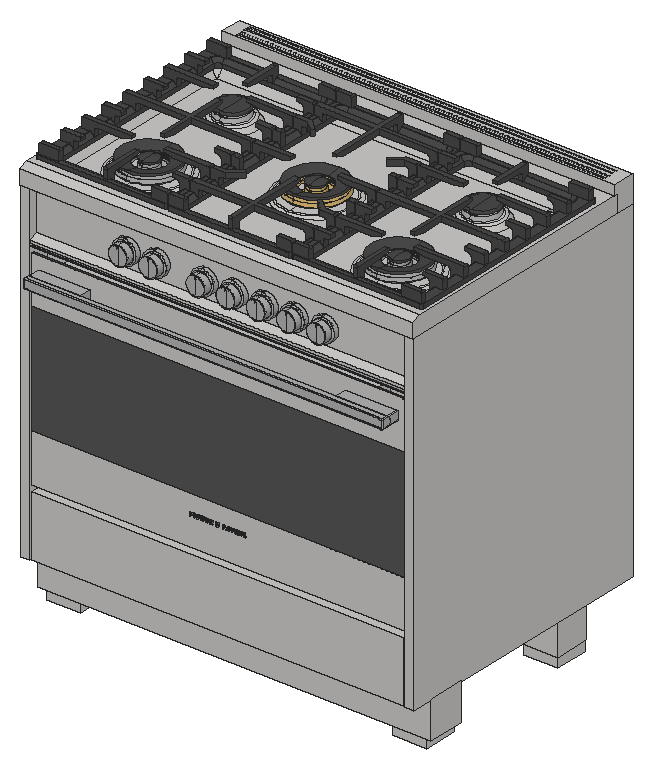
Revit family "FP_Revit_18_OR36SDG4X1_Range_90001021A", category Specialty Equipment, Revit 2018
Family settings
  Round Connector Dimension = Use Diameter
  Part Type = Normal
  OmniClass Number = 23.40.40.14.17.17
  OmniClass Title = Ranges
  Work Plane-Based = No
  Always vertical = Yes
  Cut with Voids When Loaded = Yes
  Shared = No
  Room Calculation Point = No
Parameters
  Visibility - Toe Kick Panel (Optional) = yes
  Visibility - Rear Trim 3"/76mm (Optional) = no
  Visibility - Rear Trim (Supplied) = yes
  Visibility - Clearance Required = yes
  Visibility - Adjustable Feet Covers = yes
  URL = "www.fisherpaykel.com"
  Product - Width = 911 mm  # constant formula
  Product - Height = 945 mm  # constant formula
  Product - Depth = 679.2 mm  # constant formula
  Optional - Toe Kick Panel = "KICKOR36X1"
  Optional - Rear Trim = "TKOR364X1"
  Model = "OR36SDG4X1"
  Material - Trim = Fisher & Paykel - Steel, Chrome Plated
  Material - Handle = Fisher & Paykel - Aluminium
  Material - Door Front = Fisher & Paykel - Stainless Steel
  Material - Buttons and Dials = Fisher & Paykel - Aluminium
  Material - Burners & Trivets = Fisher & Paykel - Black, Matte
  Material - Body = Fisher & Paykel - Stainless Steel
  Manufacturer = "Fisher & Paykel Appliances"
  Keynote = ""
  Description = "36\" Contemporary Freestanding Gas Range (Stainless)"
  Countertop Height (min 908mm - max 933mm) = 915 mm
  Connector Description - Gas = "NG 1kPa (4\" WC), LPG 2.75 kPa (11\" WC), 1/2” NPT Minimum 5/8” dia. flex line"
  Connector Description - Electrical = "120 V, 60 Hz, 15 A, Fused electrical supply"
  Clearance - Side Non-Combustible = 0 mm  # constant formula
  Clearance - Side Combustible = 300 mm  # constant formula
  Clearance - Rear Non-Combustible = 0 mm  # constant formula
  Clearance - Rear Combustible = 300 mm  # constant formula
  Clearance - Overhead Rangehood = 762 mm  # constant formula
  Clearance - Overhead Non-Combustible = 762 mm  # constant formula
  Clearance - Overhead Combustible = 915 mm  # constant formula
  Chassis - Width = 911 mm  # constant formula
  Chassis - Height = 813.6 mm  # constant formula
  Chassis - Depth = 639 mm  # constant formula
  Cavity - Width = 914 mm  # constant formula
  Cavity - Height = 0 mm  # constant formula
  Cavity - Depth = 641 mm  # constant formula
Reference planes
  plane 1 "Datum": y = 0
  plane 2: z = 0
  plane 3 "Center (Left/Right)": x = 0
  plane 4 "Product Height": z = 923
  plane 5 "Product LHS": x = -455.5
  plane 6 "Product RHS": x = 455.5
  plane 7 "Cavity LHS": x = -457
  plane 8 "Cavity RHS": x = 457
  plane 9 "Product Depth": y = 639
  plane 10 "Cavity Depth": y = 641
  plane 11 "Dials": z = 820.4
  plane 12 "Countertop Height": z = 915
Forms (mm)
  Extrusion 1, solid, material "Fisher & Paykel - Stainless Steel" <- "Material - Body"
    sketch origin (0, 0, 0) x (0, 1, 0) y (0, 0, 1)
      loop
        line (50.7, 883) -> (50.7, 109.4) -> (566.5, 109.4) -> (566.5, 883) -> (50.7, 883)
    from -435.7 to 435.7
  Extrusion 2, solid, material "Fisher & Paykel - Stainless Steel" <- "Material - Body"
    sketch origin (0, 0, 0) x (0, 1, 0) y (0, 0, 1)
      loop
        line (19, 883) -> (19, 782.4) -> (50.7, 782.4) -> (50.7, 883) -> (19, 883)
    from -435.7 to 435.7
  Extrusion 3, solid, material "Fisher & Paykel - Stainless Steel" <- "Material - Body"
    sketch origin (0, 0, 0) x (0, 1, 0) y (0, 0, 1)
      loop
        line (31.59, 250.4) -> (1.5, 250.4) -> (1.5, 109.4) -> (31.59, 109.4) -> (31.59, 250.4)
    from -432 to 432
  Extrusion 4, solid, material "Fisher & Paykel - Clearance Required", visible <- "Visibility - Clearance Required", detail levels coarse
    sketch origin (0, 0, 0) x (0, 1, 0) y (0, 0, 1)
      loop
        line (0, 266.1) -> (0, 747.098)
        arc (0, 747.098) -> (-340.117, 606.217) -> (-480.998, 266.1) r 480.998
        line (-480.998, 266.1) -> (0, 266.1)
    from -457 to 457
  Extrusion 5, solid, material "Fisher & Paykel - Clearance Required", visible <- "Visibility - Clearance Required", detail levels coarse
    sketch origin (0, 0, 0) x (0, 1, 0) y (0, 0, 1)
      loop
        line (641, 0) -> (641, 923) -> (0, 923) -> (0, 0) -> (641, 0)
    from -457 to 457
  Extrusion 6, solid, material "Fisher & Paykel - Clearance Required (Combustible)", visible <- "Visibility - Clearance Required", detail levels coarse
    sketch origin (0, 0, 0) x (1, 0, 0) y (0, 1, 0)
      loop
        line (-457, 0) -> (-457, 641) -> (457, 641) -> (457, 0) -> (757, 0) -> (757, 941) -> (-757, 941) -> (-757, 0) -> (-457, 0)
    from 923 to 1380
  Extrusion 7, solid, material "Fisher & Paykel - Clearance Required (Combustible)", visible <- "Visibility - Clearance Required", detail levels coarse
    sketch origin (0, 0, 0) x (1, 0, 0) y (0, 1, 0)
      loop
        line (-457, 0) -> (457, 0) -> (457, 641) -> (-457, 641) -> (-457, 0)
    from 1838 to 1685
  Extrusion 8, solid, material "Fisher & Paykel - Clearance Required (Non-Combustible)", visible <- "Visibility - Clearance Required", detail levels coarse
    sketch origin (0, 0, 0) x (1, 0, 0) y (0, 1, 0)
      loop
        line (457, 641) -> (-457, 641) -> (-457, 0) -> (457, 0) -> (457, 641)
    from 923 to 1685
  Extrusion 9, solid, material "Fisher & Paykel - Clearance Required (Combustible)", visible <- "Visibility - Clearance Required", detail levels coarse
    sketch origin (0, 0, 0) x (1, 0, 0) y (0, 1, 0)
      loop
        line (-757, 0) -> (-457, 0) -> (-457, 311) -> (-757, 311) -> (-757, 0)
      loop
        line (757, 0) -> (757, 311) -> (457, 311) -> (457, 0) -> (757, 0)
    from 1380 to 1838
  Extrusion 10, solid, material "Fisher & Paykel - Stainless Steel" <- "Material - Body"
    sketch origin (0, 0, 0) x (0, 1, 0) y (0, 0, 1)
      loop
        line (0, 883) -> (0, 109.4) -> (634.5, 109.4) -> (634.5, 883) -> (0, 883)
    from 435.7 to 455.5
  Extrusion 11, solid, material "Fisher & Paykel - Stainless Steel" <- "Material - Body"
    sketch origin (0, 0, 0) x (0, 1, 0) y (0, 0, 1)
      loop
        line (0, 883) -> (0, 109.4) -> (634.5, 109.4) -> (634.5, 883) -> (0, 883)
    from -455.5 to -435.7
  Extrusion 12, solid, material "Fisher & Paykel - Stainless Steel" <- "Material - Body"
    sketch origin (0, 0, 0) x (0, 1, 0) y (0, 0, 1)
      loop
        line (50.7, 782.4) -> (19, 782.4) -> (2, 774.4) -> (2, 767.4) -> (50.7, 767.4) -> (50.7, 782.4)
    from -435.7 to 435.7
  Extrusion 13, solid, material "Fisher & Paykel - Steel, Chrome Plated" <- "Material - Trim", detail levels fine
    sketch origin (0, 0, 0) x (0, 1, 0) y (0, 0, 1)
      loop
        line (1.349, 762.4) -> (1.349, 760.4) -> (50.7, 760.4) -> (50.7, 762.4) -> (1.349, 762.4)
    from -435.7 to 435.7
  Extrusion 14, solid, material "Fisher & Paykel - Stainless Steel" <- "Material - Body"
    sketch origin (0, 0, 0) x (0, 1, 0) y (0, 0, 1)
      loop
        line (-1.5, 914.915) -> (-1.5, 883) -> (593.5, 883) -> (593.5, 923) -> (18.511, 923) -> (-1.5, 914.915)
    from -455.5 to 455.5
  Extrusion 15, solid, material "Fisher & Paykel - Stainless Steel" <- "Material - Body", visible <- "Visibility - Adjustable Feet Covers"
    sketch origin (0, 0, 0) x (1, 0, 0) y (0, 1, 0)
      loop
        line (-360.4, 137.7) -> (-442.5, 137.7) -> (-442.5, 55.7) -> (-360.4, 55.7) -> (-360.4, 137.7)
      loop
        line (-360.4, 516.7) -> (-442.482, 516.7) -> (-442.482, 434.7) -> (-360.4, 434.7) -> (-360.4, 516.7)
      loop
        line (360.4, 137.7) -> (360.4, 55.7) -> (442.5, 55.7) -> (442.5, 137.7) -> (360.4, 137.7)
      loop
        line (360.4, 516.7) -> (360.4, 434.7) -> (442.482, 434.7) -> (442.482, 516.7) -> (360.4, 516.7)
    from 23.7 to 109.4
  Extrusion 16, solid, material "Fisher & Paykel - Stainless Steel" <- "Material - Body", visible <- "Visibility - Adjustable Feet Covers"
    sketch origin (0, 0, 0) x (1, 0, 0) y (0, 1, 0)
      loop
        line (-362.4, 514.7) -> (-440.5, 514.7) -> (-440.5, 436.7) -> (-362.4, 436.7) -> (-362.4, 514.7)
      loop
        line (-362.4, 135.7) -> (-440.5, 135.7) -> (-440.5, 57.7) -> (-362.4, 57.7) -> (-362.4, 135.7)
      loop
        line (362.4, 514.7) -> (362.4, 436.7) -> (440.5, 436.7) -> (440.5, 514.7) -> (362.4, 514.7)
      loop
        line (362.4, 135.7) -> (362.4, 57.7) -> (440.5, 57.7) -> (440.5, 135.7) -> (362.4, 135.7)
    from 0 to 23.7
  Extrusion 17, solid, material "Fisher & Paykel - Stainless Steel" <- "Material - Body", visible <- "Visibility - Toe Kick Panel (Optional)"
    sketch origin (0, 0, 0) x (1, 0, 0) y (0, 1, 0)
      loop
        line (-442.5, 137.7) -> (-455.5, 137.7) -> (-455.5, 50.7) -> (455.5, 50.7) -> (455.5, 137.7) -> (442.5, 137.7) -> (442.5, 55.7) -> (-442.5, 55.7) -> (-442.5, 137.7)
    from 23.7 to 109.4
  Extrusion 18, solid, material "Fisher & Paykel - Glass, Black"
    sketch origin (0, 0, 0) x (1, 0, 0) y (0, 0, 1)
      loop
        line (-432, 265.5) -> (432, 265.5) -> (432, 747.7) -> (-432, 747.7) -> (-432, 265.5)
    from -7.845 to -3.8
  Extrusion 19, solid, material "Fisher & Paykel - Stainless Steel" <- "Material - Door Front"
    sketch origin (0, 0, 0) x (0, 1, 0) y (0, 0, 1)
      loop
        line (7.845, 745.371) -> (7.845, 273.1) -> (43.8, 273.1) -> (43.8, 741.592) -> (7.845, 745.371)
    from -365 to 365
  Extrusion 20, void
    sketch origin (0, 0, 0) x (1, 0, 0) y (0, 1, 0)
      loop
        arc (-409.8, 531.791) -> (-423.942, 525.933) -> (-429.8, 511.791) r 20
        line (-429.8, 511.791) -> (-429.8, 66.2)
        arc (-429.8, 66.2) -> (-422.478, 48.522) -> (-404.8, 41.2) r 25
        line (-404.8, 41.2) -> (404.8, 41.2)
        arc (404.8, 41.2) -> (422.478, 48.522) -> (429.8, 66.2) r 25
        line (429.8, 66.2) -> (429.8, 505.59)
        arc (429.8, 505.59) -> (422.126, 524.117) -> (403.6, 531.791) r 26.2
        line (403.6, 531.791) -> (-409.8, 531.791)
    from 883 to 923
  Extrusion 21, solid, material "Fisher & Paykel - Stainless Steel" <- "Material - Body", visible <- "Visibility - Rear Trim 3"/76mm (Optional)"
    sketch origin (0, 0, 0) x (0, 1, 0) y (0, 0, 1)
      loop
        line (582.5, 999) -> (582.5, 923) -> (593.5, 923) -> (593.5, 883) -> (634.5, 883) -> (634.5, 999) -> (582.5, 999)
    from -455.5 to 455.5
  Revolve 22, solid, material "Fisher & Paykel - Stainless Steel" <- "Material - Body", detail levels fine
    sketch origin (-290.104, 3.75, 0) x (0, 1, 0) y (0, 0, 1)
      loop
        line (163, 893) -> (163, 897) -> (84.905, 897)
        arc (84.905, 897) -> (83.174, 896.81) -> (81.524, 896.25) r 8
        line (81.524, 896.25) -> (74.554, 893) -> (163, 893)
      axis (163, 893) -> (163, 897)
    angle from 0 to 360
  Revolve 23, solid, material "Fisher & Paykel - Stainless Steel" <- "Material - Body", detail levels fine
    sketch origin (-290.104, -6.25, 0) x (0, 1, 0) y (0, 0, 1)
      loop
        line (414.1, 907.049) -> (372.389, 907.049)
        arc (372.389, 907.049) -> (368.674, 906.135) -> (365.808, 903.599) r 8
        line (365.808, 903.599) -> (358.481, 893) -> (414.1, 893) -> (414.1, 907.049)
      axis (414.1, 893) -> (414.1, 907.049)
    angle from 0 to 360
  Extrusion 24, void
    sketch origin (0, 0, 0) x (1, 0, 0) y (0, 0, 1)
      loop
        line (351.8, 237) -> (-435.7, 237) -> (-435.7, 101.4) -> (435.7, 101.4) -> (435.7, 883) -> (351.8, 883) -> (351.8, 237)
    from -604 to -519.5
  Extrusion 25, solid, material "Fisher & Paykel - Stainless Steel" <- "Material - Body", detail levels medium+fine
    sketch origin (0, 0, 0) x (1, 0, 0) y (0, 1, 0)
      loop
        circle (-370, 550.5) r 6
    from 137 to 237
  Extrusion 26, solid, material "Fisher & Paykel - Stainless Steel"
    sketch origin (0, 0, 0) x (1, 0, 0) y (0, 0, 1)
      loop
        circle (-420.064, 912.06) r 4.009
      loop
        circle (-420.064, 912.06) r 7.491
      loop
        circle (420.064, 912.06) r 4.009
      loop
        circle (420.064, 912.06) r 7.491
    from -639 to -634.5
  Extrusion 27, solid, material "Fisher & Paykel - Stainless Steel" <- "Material - Body"
    sketch origin (0, 0, 0) x (1, 0, 0) y (0, 0, 1)
      loop
        line (273, 883) -> (-273, 883) -> (-273, 695) -> (273, 695) -> (273, 883)
    from -616.5 to -566.5
  Extrusion 28, solid, material "Fisher & Paykel - Stainless Steel" <- "Material - Body"
    sketch origin (0, 0, 0) x (1, 0, 0) y (0, 0, 1)
      loop
        line (-315.2, 367) -> (-435.7, 367) -> (-435.7, 237) -> (-315.2, 237) -> (-315.2, 367)
    from -587.5 to -566.5
  Extrusion 29, solid, material "Fisher & Paykel - Stainless Steel" <- "Material - Body"
    sketch origin (0, 0, 1000) x (1, 0, 0) y (0, 0, 1)
      loop
        line (227.779, -394.6) -> (-317.779, -394.6)
        arc (-317.779, -394.6) -> (-387.07, -440.899) -> (-370.812, -522.633) r 75
        line (-370.812, -522.633) -> (-244.954, -648.491)
        arc (-244.954, -648.491) -> (-227.111, -660.413) -> (-206.064, -664.6) r 55
        line (-206.064, -664.6) -> (116.064, -664.6)
        arc (116.064, -664.6) -> (137.111, -660.413) -> (154.954, -648.491) r 55
        line (154.954, -648.491) -> (280.812, -522.633)
        arc (280.812, -522.633) -> (297.07, -440.899) -> (227.779, -394.6) r 75
    from -578.5 to -566.5
  Revolve 30, solid, material "Fisher & Paykel - Stainless Steel" <- "Material - Body", detail levels fine
    sketch origin (290.104, 3.75, 0) x (0, 1, 0) y (0, 0, -1)
      loop
        line (163, -893) -> (74.554, -893) -> (81.524, -896.25)
        arc (81.524, -896.25) -> (83.174, -896.81) -> (84.905, -897) r 8
        line (84.905, -897) -> (163, -897) -> (163, -893)
      axis (163, -893) -> (163, -897)
    angle from 0 to 360
  Revolve 31, solid, material "Fisher & Paykel - Stainless Steel" <- "Material - Body", detail levels fine
    sketch origin (290.104, -6.25, 0) x (0, 1, 0) y (0, 0, -1)
      loop
        line (414.1, -907.049) -> (414.1, -893) -> (358.481, -893) -> (365.808, -903.599)
        arc (365.808, -903.599) -> (368.674, -906.135) -> (372.389, -907.049) r 8
        line (372.389, -907.049) -> (414.1, -907.049)
      axis (414.1, -893) -> (414.1, -907.049)
    angle from 0 to 360
  Revolve 32, solid, material "Fisher & Paykel - Stainless Steel" <- "Material - Body", detail levels fine
    sketch origin (0, 123.75, 0) x (0, 1, 0) y (0, 0, 1)
      loop
        line (163, 893) -> (163, 897) -> (84.905, 897)
        arc (84.905, 897) -> (83.174, 896.81) -> (81.524, 896.25) r 8
        line (81.524, 896.25) -> (74.554, 893) -> (163, 893)
      axis (163, 893) -> (163, 897)
    angle from 0 to 360
  Extrusion 33, solid, material "Fisher & Paykel - Stainless Steel" <- "Material - Body", detail levels medium+fine
    sketch origin (0, 0, 0) x (1, 0, 0) y (0, 0, 1)
      loop
        arc (159.044, 220.6) -> (155.509, 219.136) -> (154.044, 215.6) r 5
        line (154.044, 215.6) -> (154.044, 165.6)
        arc (154.044, 165.6) -> (155.509, 162.064) -> (159.044, 160.6) r 5
        line (159.044, 160.6) -> (208.84, 160.6)
        arc (208.84, 160.6) -> (212.375, 162.064) -> (213.84, 165.6) r 5
        line (213.84, 165.6) -> (213.84, 215.6)
        arc (213.84, 215.6) -> (212.375, 219.136) -> (208.84, 220.6) r 5
        line (208.84, 220.6) -> (159.044, 220.6)
    from -556.873 to -549.515
  Revolve 34, solid, material "Fisher & Paykel - Stainless Steel" <- "Material - Body", detail levels medium+fine
    sketch origin (0, 569.5, 0) x (1, 0, 0) y (0, 0, 1)
      loop
        line (145.68, 191.077) -> (245, 191.077) -> (245, 204.6) -> (232, 204.6) -> (232, 201.081) -> (222, 201.081) -> (222, 208.65) -> (210, 208.65) -> (210, 201.85) -> (157.68, 201.85) -> (157.68, 208.65) -> (145.68, 208.65) -> (145.68, 191.077)
      axis (145.68, 191.077) -> (245, 191.077)
    angle from 0 to 360
  Extrusion 35, solid, material "Fisher & Paykel - Stainless Steel" <- "Material - Body", detail levels medium+fine
    sketch origin (0, 0, 1000) x (1, 0, 0) y (0, 0, 1)
      loop
        circle (183.596, -809.4) r 26.954
    from -565.952 to -556.873
  Extrusion 36, solid, material "Fisher & Paykel - Stainless Steel" <- "Material - Body"
    sketch origin (0, 0, 0) x (1, 0, 0) y (0, 0, 1)
      loop
        circle (395, 716.093) r 34.119
    from -590 to -570.221
  Extrusion 37, solid, material "Fisher & Paykel - Stainless Steel" <- "Material - Body"
    sketch origin (0, 0, 0) x (1, 0, 0) y (0, 0, 1)
      loop
        circle (395, 716.093) r 10
    from -616.5 to -590
  Revolve 38, solid, material "Fisher & Paykel - Stainless Steel" <- "Material - Body", detail levels medium+fine
    sketch origin (0, 569.346, 0) x (1, 0, 0) y (0, 0, 1)
      loop
        line (395, 758.6) -> (395, 673.6) -> (413.153, 673.6) -> (413.153, 693.6) -> (406.654, 693.6) -> (406.654, 738.6) -> (413.153, 738.6) -> (413.153, 758.6) -> (395, 758.6)
      axis (395, 758.6) -> (395, 673.6)
    angle from 0 to 360
  Sweep 39, solid, material "Fisher & Paykel - Stainless Steel" <- "Material - Body"
    path origin (395, 0, 0) x (0, 1, 0) y (0, 0, 1)
      loop
        line (569.499, 218.575) -> (569.499, 839.583)
        arc (569.499, 839.583) -> (562.465, 856.566) -> (545.482, 863.6) r 24.017
        line (545.482, 863.6) -> (519.5, 863.6)
    profile origin (395, 532.491, 863.6) x (0, 0, -1) y (1, 0, 0)
      loop
        circle (0, 0) r 8
  Sweep 40, solid, material "Fisher & Paykel - Stainless Steel" <- "Material - Body", detail levels medium+fine
    path origin (0, 569.5, 0) x (1, 0, 0) y (0, 0, 1)
      loop
        line (245, 191.077) -> (367.503, 191.077)
        arc (367.503, 191.077) -> (386.946, 199.131) -> (395, 218.575) r 27.497
    profile origin (306.252, 569.5, 191.077) x (0, 0, 1) y (0, -1, 0)
      loop
        circle (0, 0) r 8
  Sweep 41, solid, material "Fisher & Paykel - Stainless Steel" <- "Material - Body", detail levels medium+fine
    path in 3D
      loop
        arc (403.6, 531.791, 923) -> (422.126, 524.117, 923) -> (429.8, 505.59, 923) r 26.2
        line (429.8, 505.59, 923) -> (429.8, 66.2, 923)
        arc (429.8, 66.2, 923) -> (422.478, 48.522, 923) -> (404.8, 41.2, 923) r 25
        line (404.8, 41.2, 923) -> (-404.8, 41.2, 923)
        arc (-404.8, 41.2, 923) -> (-422.478, 48.522, 923) -> (-429.8, 66.2, 923) r 25
        line (-429.8, 66.2, 923) -> (-429.8, 511.791, 923)
        arc (-429.8, 511.791, 923) -> (-423.942, 525.933, 923) -> (-409.8, 531.791, 923) r 20
        line (-409.8, 531.791, 923) -> (403.6, 531.791, 923)
    profile origin (-3.1, 531.791, 923) x (0, 1, 0) y (0, 0, 1)
      loop
        line (0, 0) -> (-17.321, -30) -> (0, -30) -> (0, 0)
  Extrusion 42, solid, material "Fisher & Paykel - Stainless Steel" <- "Material - Body"
    sketch origin (0, 0, 0) x (0, 1, 0) y (0, 0, 1)
      loop
        line (641, 151) -> (634.5, 151) -> (603.701, 13) -> (486.3, 13) -> (486.3, 0) -> (641, 0) -> (641, 151)
    from -27.25 to 27.25
  Extrusion 43, solid, material "Fisher & Paykel - Stainless Steel" <- "Material - Body"
    sketch origin (0, 0, 0) x (1, 0, 0) y (0, 1, 0)
      loop
        circle (0, 514.309) r 5
    from 13 to 50.9
  Extrusion 44, solid, material "Fisher & Paykel - Stainless Steel" <- "Material - Body"
    sketch origin (0, 0, 0) x (0, 1, 0) y (0, 0, 1)
      loop
        line (486.3, 109.4) -> (486.3, 50.9) -> (519.5, 50.9) -> (519.5, 109.4) -> (486.3, 109.4)
    from -27.25 to 27.25
  Extrusion 45, solid, material "Fisher & Paykel - Stainless Steel" <- "Material - Body"
    sketch origin (0, 0, 0) x (1, 0, 0) y (0, 1, 0)
      loop
        circle (-401.482, 475.7) r 25
      loop
        circle (-401.5, 96.7) r 25
      loop
        circle (401.482, 475.7) r 25
      loop
        circle (401.5, 96.7) r 25
    from 0 to 109.4
  Extrusion 46, solid, material "Fisher & Paykel - Stainless Steel" <- "Material - Body", visible <- "Visibility - Rear Trim (Supplied)"
    sketch origin (0, 0, 0) x (0, 1, 0) y (0, 0, 1)
      loop
        line (593.5, 883) -> (634.5, 883) -> (634.5, 945) -> (582.5, 945) -> (582.5, 923) -> (593.5, 923) -> (593.5, 883)
    from -455.5 to 455.5
  Extrusion 47, solid, material "Fisher & Paykel - Stainless Steel" <- "Material - Door Front"
    sketch origin (0, 0, 0) x (0, 1, 0) y (0, 0, 1)
      loop
        line (2.8, 265.5) -> (3.8, 265.5) -> (3.8, 376.471) -> (2.8, 376.471) -> (2.8, 265.5)
      loop
        line (2.8, 637.7) -> (3.8, 637.7) -> (3.8, 747.7) -> (2.8, 747.7) -> (2.8, 637.7)
    from -432 to 432
  Extrusion 48, void
    sketch origin (0, 0, 0) x (0, 1, 0) y (0, 0, 1)
      loop
        line (641, 0) -> (641, 923) -> (-40, 923) -> (-40, 0) -> (641, 0)
    from -457 to 457
  Extrusion 49, void
    sketch origin (0, 0, 0) x (0, 1, 0) y (0, 0, 1)
      loop
        line (589.1, 999) -> (589.1, 923) -> (594.1, 923) -> (594.1, 999) -> (589.1, 999)
      loop
        line (600.1, 999) -> (600.1, 923) -> (605.1, 923) -> (605.1, 999) -> (600.1, 999)
      loop
        line (622.1, 999) -> (622.1, 923) -> (627.1, 923) -> (627.1, 999) -> (622.1, 999)
      loop
        line (611.1, 999) -> (611.1, 923) -> (616.1, 923) -> (616.1, 999) -> (611.1, 999)
    from -426 to 426
Cuts and joins
  Extrusion 20, Extrusion 24 cuts Extrusion 1
  Extrusion 20, Extrusion 49 cuts Extrusion 5
  Extrusion 20 cuts Extrusion 15
  Extrusion 20 cuts Extrusion 16
  Extrusion 20 cuts Extrusion 17
  Extrusion 20, Extrusion 49 cuts Extrusion 14
  Extrusion 49 cuts Extrusion 21
  Extrusion 49 cuts Extrusion 46
Lines and regions (mm)
  model lines
    curve 1: line (0, -18.2, 820.4) -> (0, 96.8, 820.4)
  sketch lines
    curve 2: line (-409.8, 531.791, 923) -> (403.6, 531.791, 923)
    curve 3: arc (-409.8, 531.791, 923) -> (-423.942, 525.933, 923) -> (-429.8, 511.791, 923) r 20
    curve 4: line (-429.8, 66.2, 923) -> (-429.8, 511.791, 923)
    curve 5: arc (-429.8, 66.2, 923) -> (-422.478, 48.522, 923) -> (-404.8, 41.2, 923) r 25
    curve 6: line (404.8, 41.2, 923) -> (-404.8, 41.2, 923)
    curve 7: arc (404.8, 41.2, 923) -> (422.478, 48.522, 923) -> (429.8, 66.2, 923) r 25
    curve 8: line (429.8, 505.59, 923) -> (429.8, 66.2, 923)
    curve 9: arc (429.8, 505.59, 923) -> (422.126, 524.117, 923) -> (403.6, 531.791, 923) r 26.2
Text (mm)
  text "Due to ongoing product development, product details are subject to change without notice. \nPlease always refer to www.fisherpaykel.com for the most current product information. \n© Fisher & Paykel 2020" at (41.04, -550.866, 0), in view "Ref. Level (Plan)"
Dimensions and locks
  equal spacing: plane 5 "Product LHS", plane 3 "Center (Left/Right)", plane 6 "Product RHS"
  "Product - Width": plane 5 "Product LHS" to plane 6 "Product RHS"
  equal spacing: plane 7 "Cavity LHS", plane 3 "Center (Left/Right)", plane 8 "Cavity RHS"
  "Cavity - Width": plane 7 "Cavity LHS" to plane 8 "Cavity RHS"
  locked: plane 4 "Product Height" to nested 1 at 592.51
  "Cavity - Depth": plane 1 "Datum" to plane 10 "Cavity Depth"
  "Clearance - Side Combustible": Extrusion 6 sketch curve to Extrusion 5
  "Clearance - Side Combustible": Extrusion 5 to Extrusion 6 sketch curve
  "Clearance - Rear Combustible": plane 10 "Cavity Depth" to Extrusion 6 sketch curve
  Extrusion 6 to plane 4 "Product Height" = 457 mm
  Extrusion 7 to plane 4 "Product Height" = 762 mm
  Extrusion 8 to plane 4 "Product Height" = 762 mm
  Extrusion 9 sketch curve to plane 10 "Cavity Depth" = 330 mm
  "Clearance - Side Combustible": Extrusion 8 to Extrusion 6
  "Clearance - Side Combustible": Extrusion 6 to Extrusion 8
  "Clearance - Rear Combustible": Extrusion 6 to Extrusion 8
  locked: Extrusion 6 to plane 4 "Product Height" at 457
  locked: Extrusion 9 to Extrusion 8 at 330
  locked: plane 4 "Product Height" to Extrusion 10 at 40
  plane 5 "Product LHS" to Extrusion 15 sketch curve = 95.1 mm
  locked: plane 4 "Product Height" to Extrusion 10 at 813.6  (x2)
  equal spacing: cut or joined group of Extrusion 14, Extrusion 20, Extrusion 49, plane 3 "Center (Left/Right)", cut or joined group of Extrusion 14, Extrusion 20, Extrusion 49
  locked: Extrusion 6 to plane 11 "Dials" at 102.6
  Extrusion 6 to nested 2 = 18.8 mm
  plane 4 "Product Height" to Extrusion 13 = 160.6 mm
  locked: plane 4 "Product Height" to plane 11 "Dials" at 102.6
  locked: Extrusion 19 to plane 4 "Product Height" at 649.9
  cut or joined group of Extrusion 1, Extrusion 20, Extrusion 24 to plane 11 "Dials" = 711 mm
  cut or joined group of Extrusion 1, Extrusion 20, Extrusion 24 to cut or joined group of Extrusion 1, Extrusion 20, Extrusion 24 = 127.6 mm
  locked: plane 4 "Product Height" to nested 2 at 22.879
  locked: plane 4 "Product Height" to nested 3 at 13
  Extrusion 8 to Extrusion 9 = 311 mm
  locked: cut or joined group of Extrusion 17, Extrusion 20 to Extrusion 10 at 85.7
  locked: cut or joined group of Extrusion 15, Extrusion 20 to Extrusion 10 at 85.7
  locked: cut or joined group of Extrusion 1, Extrusion 20, Extrusion 24 to Extrusion 10 at 127.6
  locked: Extrusion 27 to Extrusion 6 at 228
  locked: Revolve 38 to plane 4 "Product Height" at 249.4
  locked: plane 4 "Product Height" to Sweep 41 at 30  (x2)
  locked: plane 4 "Product Height" to Extrusion 12 at 155.6
  Extrusion 3 sketch curve to Extrusion 3 sketch curve = 141 mm
  locked: Extrusion 27 to plane 4 "Product Height" at 228
  locked: Extrusion 28 to plane 4 "Product Height" at 556
  locked: Extrusion 42 sketch curve to level at 151
  locked: Extrusion 25 to cut or joined group of Extrusion 1, Extrusion 20, Extrusion 24 at 100
  locked: Sweep 39 sketch curve to Extrusion 6 at 704.425
  locked: cut or joined group of Extrusion 15, Extrusion 20 to Extrusion 11 at 85.7
  locked: Extrusion 29 sketch curve to plane 4 "Product Height" at 317.6
  locked: cut or joined group of Extrusion 1, Extrusion 20, Extrusion 24 to plane 4 "Product Height" at 686
  locked: Revolve 34 sketch curve to plane 4 "Product Height" at 731.923
  locked: Extrusion 33 sketch curve to Extrusion 33 sketch curve at 60
  locked: Extrusion 33 sketch curve to plane 4 "Product Height" at 762.4
  locked: Extrusion 35 sketch curve to plane 4 "Product Height" at 732.4
  locked: Extrusion 6 to cut or joined group of Extrusion 15, Extrusion 20 at 813.6
  locked: Extrusion 44 to Extrusion 10 at 58.5
  locked: Extrusion 25 to Extrusion 10 at 127.6
  locked: plane 4 "Product Height" to Extrusion 4 at 656.9
  locked: plane 12 "Countertop Height" to plane 4 "Product Height" at 8
  locked: Sweep 41 to plane 4 "Product Height" at 30
  "Countertop Height (min 908mm - max 933mm)": level to plane 12 "Countertop Height"
  locked: plane 4 "Product Height" to cut or joined group of Extrusion 5, Extrusion 20, Extrusion 49 at 40
  "Clearance - Overhead Non-Combustible": Extrusion 8 to plane 4 "Product Height"
  "Clearance - Overhead Combustible": Extrusion 7 to plane 4 "Product Height"
  locked: Extrusion 33 to plane 4 "Product Height" at 702.4
  locked: Sweep 40 sketch curve to Sweep 39 at 27.497
  locked: Extrusion 9 to Extrusion 7
  Extrusion 7 to Extrusion 9 = 311 mm
  locked: Extrusion 3 to plane 4 "Product Height" at 813.6
  locked: plane 4 "Product Height" to Extrusion 3 at 672.6
  locked: plane 4 "Product Height" to Extrusion 47 at 546.529
  locked: Extrusion 47 to plane 4 "Product Height" at 285.3
  locked: plane 4 "Product Height" to Extrusion 18 at 175.3
  locked: Extrusion 18 to plane 4 "Product Height" at 657.5
  locked: nested 11 to plane 11 "Dials" at 27.732
  locked: nested 9 to plane 11 "Dials" at 27.732
  locked: nested 8 to plane 11 "Dials" at 27.732
  locked: nested 7 to plane 11 "Dials" at 27.732
  locked: nested 6 to plane 11 "Dials" at 27.732
  locked: nested 5 to plane 11 "Dials" at 27.732
  locked: nested 4 to plane 11 "Dials" at 27.732
  locked: plane 4 "Product Height" to nested 17 at 204.337
  locked: Extrusion 6 to Extrusion 46 sketch curve at 22
  "Chassis - Depth": plane 1 "Datum" to plane 9 "Product Depth"
  "Product - Depth": nested 17 to plane 9 "Product Depth"
  aligned and locked: level to plane 2
  aligned and locked: Extrusion 5 sketch curve to plane 4 "Product Height"
  aligned and locked: Extrusion 5 to plane 8 "Cavity RHS"
  aligned and locked: Extrusion 5 to plane 7 "Cavity LHS"
  aligned and locked: Extrusion 6 sketch curve to plane 8 "Cavity RHS"
  aligned and locked: Extrusion 6 sketch curve to plane 7 "Cavity LHS"
  aligned and locked: Extrusion 5 to Extrusion 7 sketch curve
  aligned and locked: Extrusion 8 sketch curve to Extrusion 5
  aligned and locked: Extrusion 5 to Extrusion 8 sketch curve
  aligned and locked: Extrusion 9 sketch curve to Extrusion 9 sketch curve
  aligned and locked: Extrusion 5 to Extrusion 9 sketch curve
  aligned and locked: cut or joined group of Extrusion 1, Extrusion 20, Extrusion 24 to Extrusion 2  (x2)
  aligned and locked: Extrusion 10 sketch curve to plane 1 "Datum"
  aligned and locked: Extrusion 2 to Extrusion 12
  aligned and locked: Extrusion 2 to Extrusion 13
  aligned and locked: Extrusion 12 to Extrusion 2
  aligned and locked: Extrusion 13 to Extrusion 2
  aligned and locked: Extrusion 16 to level
  aligned and locked: Extrusion 16 to Extrusion 15
  aligned and locked: plane 5 "Product LHS" to Extrusion 17 sketch curve
  aligned and locked: Extrusion 17 sketch curve to Extrusion 15
  aligned and locked: Extrusion 17 sketch curve to Extrusion 2
  aligned and locked: Extrusion 17 sketch curve to plane 6 "Product RHS"
  aligned and locked: plane 4 "Product Height" to Extrusion 20
  aligned and locked: Extrusion 21 to plane 6 "Product RHS"
  aligned and locked: plane 5 "Product LHS" to Extrusion 21
  aligned and locked: Extrusion 26 to plane 9 "Product Depth"
  aligned and locked: Extrusion 4 to plane 8 "Cavity RHS"
  aligned and locked: plane 7 "Cavity LHS" to Extrusion 4
  aligned and locked: Extrusion 17 to cut or joined group of Extrusion 15, Extrusion 20
  aligned and locked: plane 10 "Cavity Depth" to Extrusion 7
  aligned and locked: Extrusion 6 sketch curve to plane 10 "Cavity Depth"
  aligned and locked: Extrusion 14 to plane 5 "Product LHS"
  aligned and locked: Extrusion 14 to plane 6 "Product RHS"
  aligned and locked: Extrusion 11 to cut or joined group of Extrusion 1, Extrusion 20, Extrusion 24
  aligned and locked: cut or joined group of Extrusion 1, Extrusion 20, Extrusion 24 to Extrusion 44 sketch curve
  aligned and locked: Extrusion 43 to Extrusion 44
  aligned and locked: Extrusion 9 to Extrusion 6  (x2)
  aligned and locked: Extrusion 6 to Extrusion 9
  aligned and locked: Extrusion 45 to cut or joined group of Extrusion 1, Extrusion 20, Extrusion 24
  aligned and locked: Extrusion 7 to Extrusion 8
  aligned and locked: Sweep 40 sketch curve to Sweep 39
  aligned and locked: Extrusion 18 to Extrusion 47
  aligned and locked: Extrusion 47 to Extrusion 18
  aligned and locked: Extrusion 17 to cut or joined group of Extrusion 1, Extrusion 20, Extrusion 24
  aligned and locked: Extrusion 49 sketch curve to Extrusion 49 sketch curve  (x3)
  aligned and locked: plane 4 "Product Height" to Extrusion 49 sketch curve  (x4)
  aligned and locked: Extrusion 8 to plane 4 "Product Height"
Automatic sketch dimensions
  plane 11 "Dials" to curve 1 = 0 mm
  plane 1 "Datum" to curve 1 = 18.2 mm
  curve 1 to plane 1 "Datum" = 96.8 mm
  Extrusion 1 sketch curve to plane 1 "Datum" = 50.7 mm
  plane 9 "Product Depth" to Extrusion 1 sketch curve = 72.5 mm
  level to Extrusion 1 sketch curve = 109.4 mm
  plane 12 "Countertop Height" to Extrusion 1 sketch curve = 32 mm
  Extrusion 2 sketch curve to plane 1 "Datum" = 19 mm
  Extrusion 2 sketch curve to Extrusion 2 sketch curve = 31.7 mm
  plane 11 "Dials" to Extrusion 2 sketch curve = 38 mm
  plane 12 "Countertop Height" to Extrusion 2 sketch curve = 32 mm
  Extrusion 3 sketch curve to plane 1 "Datum" = 1.5 mm
  Extrusion 3 sketch curve to Extrusion 3 sketch curve = 30.09 mm
  level to Extrusion 3 sketch curve = 109.4 mm
  Extrusion 4 sketch curve to plane 1 "Datum" = 0 mm
  Extrusion 4 sketch curve to Extrusion 4 sketch curve = 480.998 mm
  level to Extrusion 4 sketch curve = 266.1 mm
  Extrusion 5 sketch curve to level = 0 mm
  Extrusion 5 sketch curve to plane 1 "Datum" = 0 mm
  Extrusion 5 sketch curve to plane 10 "Cavity Depth" = 0 mm
  Extrusion 7 sketch curve to plane 8 "Cavity RHS" = 0 mm
  plane 1 "Datum" to Extrusion 7 sketch curve = 0 mm
  plane 10 "Cavity Depth" to Extrusion 7 sketch curve = 0 mm
  Extrusion 8 sketch curve to plane 7 "Cavity LHS" = 0 mm
  plane 1 "Datum" to Extrusion 8 sketch curve = 0 mm
  plane 1 "Datum" to Extrusion 9 sketch curve = 0 mm  (x2)
  Extrusion 9 sketch curve to plane 7 "Cavity LHS" = 0 mm
  plane 7 "Cavity LHS" to Extrusion 9 sketch curve = 300 mm
  Extrusion 9 sketch curve to plane 8 "Cavity RHS" = 300 mm
  plane 9 "Product Depth" to Extrusion 10 sketch curve = 4.5 mm
  level to Extrusion 10 sketch curve = 109.4 mm
  plane 12 "Countertop Height" to Extrusion 10 sketch curve = 32 mm
  Extrusion 11 sketch curve to plane 1 "Datum" = 0 mm
  plane 9 "Product Depth" to Extrusion 11 sketch curve = 4.5 mm
  level to Extrusion 11 sketch curve = 109.4 mm
  plane 12 "Countertop Height" to Extrusion 11 sketch curve = 32 mm
  Extrusion 12 sketch curve to plane 1 "Datum" = 2 mm
  Extrusion 12 sketch curve to Extrusion 12 sketch curve = 17 mm
  Extrusion 12 sketch curve to Extrusion 12 sketch curve = 31.7 mm
  plane 11 "Dials" to Extrusion 12 sketch curve = 53 mm
  Extrusion 12 sketch curve to Extrusion 12 sketch curve = 7 mm
  Extrusion 12 sketch curve to Extrusion 12 sketch curve = 15 mm
  Extrusion 13 sketch curve to plane 1 "Datum" = 1.349 mm
  Extrusion 13 sketch curve to Extrusion 13 sketch curve = 49.351 mm
  plane 11 "Dials" to Extrusion 13 sketch curve = 60 mm
  Extrusion 13 sketch curve to Extrusion 13 sketch curve = 2 mm
  Extrusion 14 sketch curve to plane 4 "Product Height" = 0 mm
  plane 1 "Datum" to Extrusion 14 sketch curve = 1.5 mm
  Extrusion 14 sketch curve to plane 1 "Datum" = 18.511 mm
  plane 9 "Product Depth" to Extrusion 14 sketch curve = 45.5 mm
  plane 12 "Countertop Height" to Extrusion 14 sketch curve = 0.085 mm
  plane 12 "Countertop Height" to Extrusion 14 sketch curve = 32 mm
  Extrusion 15 sketch curve to plane 5 "Product LHS" = 13.018 mm
  Extrusion 15 sketch curve to plane 5 "Product LHS" = 13 mm
  Extrusion 15 sketch curve to Extrusion 15 sketch curve = 82.081 mm
  plane 6 "Product RHS" to Extrusion 15 sketch curve = 95.1 mm  (x2)
  plane 6 "Product RHS" to Extrusion 15 sketch curve = 13.018 mm
  plane 6 "Product RHS" to Extrusion 15 sketch curve = 13 mm
  Extrusion 15 sketch curve to plane 1 "Datum" = 55.7 mm  (x2)
  Extrusion 15 sketch curve to Extrusion 15 sketch curve = 82 mm  (x4)
  plane 9 "Product Depth" to Extrusion 15 sketch curve = 204.3 mm  (x2)
  Extrusion 16 sketch curve to plane 5 "Product LHS" = 15 mm  (x2)
  Extrusion 16 sketch curve to Extrusion 16 sketch curve = 78.1 mm  (x2)
  plane 6 "Product RHS" to Extrusion 16 sketch curve = 93.1 mm  (x2)
  plane 6 "Product RHS" to Extrusion 16 sketch curve = 15 mm  (x2)
  Extrusion 16 sketch curve to plane 1 "Datum" = 57.7 mm  (x2)
  Extrusion 16 sketch curve to Extrusion 16 sketch curve = 78 mm  (x4)
  plane 9 "Product Depth" to Extrusion 16 sketch curve = 202.3 mm  (x2)
  Extrusion 17 sketch curve to plane 5 "Product LHS" = 13 mm
  plane 6 "Product RHS" to Extrusion 17 sketch curve = 13 mm
  Extrusion 17 sketch curve to Extrusion 17 sketch curve = 82 mm  (x2)
  Extrusion 18 sketch curve to plane 5 "Product LHS" = 23.5 mm
  plane 6 "Product RHS" to Extrusion 18 sketch curve = 23.5 mm
  level to Extrusion 18 sketch curve = 265.5 mm
  plane 11 "Dials" to Extrusion 18 sketch curve = 72.7 mm
  Extrusion 19 sketch curve to plane 1 "Datum" = 7.845 mm
  Extrusion 19 sketch curve to Extrusion 19 sketch curve = 35.955 mm
  level to Extrusion 19 sketch curve = 273.1 mm
  plane 11 "Dials" to Extrusion 19 sketch curve = 78.808 mm
  Extrusion 19 sketch curve to Extrusion 19 sketch curve = 3.779 mm
  Extrusion 20 sketch curve to plane 5 "Product LHS" = 25.7 mm
  Extrusion 20 sketch curve to Extrusion 20 sketch curve = 20 mm
  Extrusion 20 sketch curve to Extrusion 20 sketch curve = 25 mm
  plane 6 "Product RHS" to Extrusion 20 sketch curve = 51.9 mm
  plane 6 "Product RHS" to Extrusion 20 sketch curve = 50.7 mm
  plane 6 "Product RHS" to Extrusion 20 sketch curve = 25.7 mm
  Extrusion 20 sketch curve to plane 1 "Datum" = 41.2 mm
  plane 9 "Product Depth" to Extrusion 20 sketch curve = 133.41 mm
  Extrusion 21 sketch curve to plane 4 "Product Height" = 0 mm
  plane 9 "Product Depth" to Extrusion 21 sketch curve = 56.5 mm
  Extrusion 21 sketch curve to Extrusion 21 sketch curve = 11 mm
  plane 9 "Product Depth" to Extrusion 21 sketch curve = 4.5 mm
  plane 12 "Countertop Height" to Extrusion 21 sketch curve = 32 mm
  plane 4 "Product Height" to Extrusion 21 sketch curve = 76 mm
  plane 12 "Countertop Height" to Revolve 22 sketch curve = 22 mm
  Revolve 22 sketch curve to plane 1 "Datum" = 78.304 mm
  plane 12 "Countertop Height" to Revolve 22 sketch curve = 18.75 mm
  Revolve 22 sketch curve to Revolve 22 sketch curve = 6.971 mm
  Revolve 22 sketch curve to Revolve 22 sketch curve = 3.381 mm
  Revolve 22 sketch curve to Revolve 22 sketch curve = 78.095 mm
  Revolve 22 sketch curve to Revolve 22 sketch curve = 7.25 mm
  Revolve 22 sketch curve to Revolve 22 sketch curve = 0 mm  (x2)
  plane 12 "Countertop Height" to Revolve 22 sketch curve = 7 mm
  plane 12 "Countertop Height" to Revolve 23 sketch curve = 22 mm
  plane 9 "Product Depth" to Revolve 23 sketch curve = 286.769 mm
  plane 12 "Countertop Height" to Revolve 23 sketch curve = 11.401 mm
  Revolve 23 sketch curve to Revolve 23 sketch curve = 7.328 mm
  Revolve 23 sketch curve to Revolve 23 sketch curve = 6.58 mm
  plane 12 "Countertop Height" to Revolve 23 sketch curve = 7.951 mm
  Revolve 23 sketch curve to Revolve 23 sketch curve = 41.711 mm
  Revolve 23 sketch curve to Revolve 23 sketch curve = 0 mm
  Revolve 23 sketch curve to Revolve 23 sketch curve = 3.451 mm
  plane 4 "Product Height" to Revolve 23 sketch curve = 13.643 mm
  Extrusion 24 sketch curve to plane 5 "Product LHS" = 19.8 mm
  plane 6 "Product RHS" to Extrusion 24 sketch curve = 103.7 mm
  plane 6 "Product RHS" to Extrusion 24 sketch curve = 19.8 mm
  level to Extrusion 24 sketch curve = 101.4 mm
  Extrusion 24 sketch curve to Extrusion 24 sketch curve = 135.6 mm
  plane 12 "Countertop Height" to Extrusion 24 sketch curve = 32 mm
  Extrusion 25 sketch curve to plane 5 "Product LHS" = 85.5 mm
  plane 9 "Product Depth" to Extrusion 25 sketch curve = 88.5 mm
  Extrusion 26 sketch curve to Extrusion 26 sketch curve = 0 mm  (x4)
  plane 12 "Countertop Height" to Extrusion 26 sketch curve = 2.94 mm  (x2)
  Extrusion 26 sketch curve to plane 5 "Product LHS" = 35.436 mm
  plane 6 "Product RHS" to Extrusion 26 sketch curve = 35.436 mm
  plane 12 "Countertop Height" to Extrusion 27 sketch curve = 32 mm
  Extrusion 27 sketch curve to plane 5 "Product LHS" = 182.5 mm
  plane 6 "Product RHS" to Extrusion 27 sketch curve = 182.5 mm
  plane 11 "Dials" to Extrusion 27 sketch curve = 125.4 mm
  Extrusion 28 sketch curve to plane 5 "Product LHS" = 19.8 mm
  Extrusion 28 sketch curve to Extrusion 28 sketch curve = 120.5 mm
  level to Extrusion 28 sketch curve = 237 mm
  Extrusion 28 sketch curve to Extrusion 28 sketch curve = 130 mm
  Extrusion 29 sketch curve to plane 5 "Product LHS" = 84.688 mm
  Extrusion 29 sketch curve to plane 5 "Product LHS" = 137.721 mm
  Extrusion 29 sketch curve to Extrusion 29 sketch curve = 125.858 mm
  Extrusion 29 sketch curve to Extrusion 29 sketch curve = 38.891 mm  (x3)
  plane 3 "Center (Left/Right)" to Extrusion 29 sketch curve = 116.064 mm
  Extrusion 29 sketch curve to Extrusion 29 sketch curve = 111.716 mm
  Extrusion 29 sketch curve to Extrusion 29 sketch curve = 53.033 mm
  Extrusion 29 sketch curve to Extrusion 29 sketch curve = 75 mm  (x2)
  Extrusion 29 sketch curve to Extrusion 29 sketch curve = 140 mm  (x2)
  plane 12 "Countertop Height" to Revolve 30 sketch curve = 22 mm
  Revolve 30 sketch curve to plane 1 "Datum" = 78.304 mm
  plane 12 "Countertop Height" to Revolve 30 sketch curve = 18.75 mm
  Revolve 30 sketch curve to Revolve 30 sketch curve = 6.971 mm
  Revolve 30 sketch curve to Revolve 30 sketch curve = 3.381 mm
  Revolve 30 sketch curve to Revolve 30 sketch curve = 78.095 mm
  Revolve 30 sketch curve to Revolve 30 sketch curve = 4 mm
  Revolve 30 sketch curve to Revolve 30 sketch curve = 0 mm  (x2)
  plane 12 "Countertop Height" to Revolve 30 sketch curve = 7 mm
  plane 12 "Countertop Height" to Revolve 31 sketch curve = 22 mm
  plane 9 "Product Depth" to Revolve 31 sketch curve = 286.769 mm
  plane 12 "Countertop Height" to Revolve 31 sketch curve = 11.401 mm
  Revolve 31 sketch curve to Revolve 31 sketch curve = 7.328 mm
  Revolve 31 sketch curve to Revolve 31 sketch curve = 6.58 mm
  plane 12 "Countertop Height" to Revolve 31 sketch curve = 7.951 mm
  Revolve 31 sketch curve to Revolve 31 sketch curve = 41.711 mm
  Revolve 31 sketch curve to Revolve 31 sketch curve = 0 mm
  Revolve 31 sketch curve to Revolve 31 sketch curve = 3.451 mm
  plane 4 "Product Height" to Revolve 31 sketch curve = 13.643 mm
  plane 12 "Countertop Height" to Revolve 32 sketch curve = 22 mm
  Revolve 32 sketch curve to plane 1 "Datum" = 198.304 mm
  plane 12 "Countertop Height" to Revolve 32 sketch curve = 18.75 mm
  Revolve 32 sketch curve to Revolve 32 sketch curve = 6.971 mm
  Revolve 32 sketch curve to Revolve 32 sketch curve = 3.381 mm
  Revolve 32 sketch curve to Revolve 32 sketch curve = 78.095 mm
  Revolve 32 sketch curve to Revolve 32 sketch curve = 7.25 mm
  Revolve 32 sketch curve to Revolve 32 sketch curve = 0 mm  (x2)
  plane 12 "Countertop Height" to Revolve 32 sketch curve = 7 mm
  plane 3 "Center (Left/Right)" to Extrusion 33 sketch curve = 154.044 mm
  Extrusion 33 sketch curve to Extrusion 33 sketch curve = 5 mm  (x3)
  Extrusion 33 sketch curve to Extrusion 33 sketch curve = 49.796 mm  (x2)
  plane 3 "Center (Left/Right)" to Revolve 34 sketch curve = 145.68 mm
  Revolve 34 sketch curve to Revolve 34 sketch curve = 12 mm  (x2)
  Revolve 34 sketch curve to Revolve 34 sketch curve = 52.32 mm
  Revolve 34 sketch curve to Revolve 34 sketch curve = 10 mm
  Revolve 34 sketch curve to Revolve 34 sketch curve = 13 mm
  Revolve 34 sketch curve to Revolve 34 sketch curve = 10.004 mm
  Revolve 34 sketch curve to Revolve 34 sketch curve = 10.773 mm
  Revolve 34 sketch curve to Revolve 34 sketch curve = 3.519 mm
  Revolve 34 sketch curve to Revolve 34 sketch curve = 6.8 mm  (x2)
  Revolve 34 sketch curve to Revolve 34 sketch curve = 0 mm  (x2)
  Revolve 34 sketch curve to Revolve 34 sketch curve = 8.859 mm
  plane 3 "Center (Left/Right)" to Extrusion 35 sketch curve = 183.596 mm
  plane 6 "Product RHS" to Extrusion 36 sketch curve = 60.5 mm
  plane 11 "Dials" to Extrusion 36 sketch curve = 104.307 mm
  plane 6 "Product RHS" to Extrusion 37 sketch curve = 60.5 mm
  plane 11 "Dials" to Extrusion 37 sketch curve = 104.307 mm
  plane 6 "Product RHS" to Revolve 38 sketch curve = 60.5 mm
  Revolve 38 sketch curve to Revolve 38 sketch curve = 11.654 mm
  Revolve 38 sketch curve to Revolve 38 sketch curve = 18.153 mm  (x2)
  plane 11 "Dials" to Revolve 38 sketch curve = 146.8 mm
  Revolve 38 sketch curve to Revolve 38 sketch curve = 20 mm  (x2)
  Revolve 38 sketch curve to Revolve 38 sketch curve = 45 mm
  Revolve 38 sketch curve to Revolve 38 sketch curve = 0 mm  (x2)
  Revolve 38 sketch curve to Revolve 38 sketch curve = 6.624 mm
  Sweep 39 sketch curve to plane 11 "Dials" = 19.183 mm
  plane 9 "Product Depth" to Sweep 39 sketch curve = 93.518 mm
  Sweep 39 sketch curve to Sweep 39 sketch curve = 24.017 mm
  Sweep 39 sketch curve to Sweep 39 sketch curve = 25.982 mm
  Sweep 39 sketch curve to profile plane = 0 mm  (x2)
  plane 6 "Product RHS" to Sweep 40 sketch curve = 87.997 mm
  Sweep 40 sketch curve to Sweep 40 sketch curve = 122.503 mm
  profile plane to Sweep 40 sketch curve = 0 mm
  Sweep 40 sketch curve to profile plane = 0 mm
  Sweep 41 sketch curve to profile plane = 0 mm  (x2)
  Sweep 41 sketch curve to Sweep 41 sketch curve = 17.321 mm
  Sweep 41 sketch curve to profile plane = 30 mm
  Extrusion 42 sketch curve to level = 0 mm
  level to Extrusion 42 sketch curve = 13 mm
  plane 9 "Product Depth" to Extrusion 42 sketch curve = 152.7 mm
  plane 9 "Product Depth" to Extrusion 42 sketch curve = 35.299 mm
  plane 9 "Product Depth" to Extrusion 42 sketch curve = 4.5 mm
  plane 10 "Cavity Depth" to Extrusion 42 sketch curve = 0 mm
  Extrusion 43 sketch curve to plane 3 "Center (Left/Right)" = 0 mm
  plane 9 "Product Depth" to Extrusion 43 sketch curve = 124.691 mm
  level to Extrusion 44 sketch curve = 50.9 mm
  plane 9 "Product Depth" to Extrusion 44 sketch curve = 152.7 mm
  Extrusion 44 sketch curve to Extrusion 44 sketch curve = 33.2 mm
  Extrusion 45 sketch curve to plane 5 "Product LHS" = 54 mm
  Extrusion 45 sketch curve to plane 5 "Product LHS" = 54.018 mm
  plane 6 "Product RHS" to Extrusion 45 sketch curve = 54.018 mm
  plane 6 "Product RHS" to Extrusion 45 sketch curve = 54 mm
  Extrusion 45 sketch curve to plane 1 "Datum" = 96.7 mm  (x2)
  plane 9 "Product Depth" to Extrusion 45 sketch curve = 163.3 mm  (x2)
  Extrusion 47 sketch curve to plane 1 "Datum" = 2.8 mm  (x2)
  Extrusion 47 sketch curve to Extrusion 47 sketch curve = 1 mm  (x2)
  level to Extrusion 47 sketch curve = 265.5 mm
  Extrusion 47 sketch curve to Extrusion 47 sketch curve = 110.971 mm
  plane 11 "Dials" to Extrusion 47 sketch curve = 182.7 mm
  plane 11 "Dials" to Extrusion 47 sketch curve = 72.7 mm
  Extrusion 48 sketch curve to level = 0 mm
  plane 1 "Datum" to Extrusion 48 sketch curve = 40 mm
  Extrusion 48 sketch curve to plane 4 "Product Height" = 0 mm
  Extrusion 48 sketch curve to plane 10 "Cavity Depth" = 0 mm
  plane 9 "Product Depth" to Extrusion 49 sketch curve = 49.9 mm
  Extrusion 49 sketch curve to Extrusion 49 sketch curve = 5 mm  (x4)
  Extrusion 49 sketch curve to Extrusion 49 sketch curve = 6 mm  (x3)
  Extrusion 49 sketch curve to Extrusion 49 sketch curve = 76 mm
  Extrusion 46 sketch curve to plane 4 "Product Height" = 0 mm
  plane 9 "Product Depth" to Extrusion 46 sketch curve = 56.5 mm
  Extrusion 46 sketch curve to Extrusion 46 sketch curve = 11 mm
  plane 9 "Product Depth" to Extrusion 46 sketch curve = 4.5 mm
  plane 12 "Countertop Height" to Extrusion 46 sketch curve = 32 mm
  plane 1 "Datum" to Extrusion 6 sketch curve = 0 mm  (x2)
  radius of Extrusion 25 sketch curve = 6 mm
  radius of Extrusion 26 sketch curve = 4.009 mm  (x2)
  radius of Extrusion 26 sketch curve = 7.491 mm  (x2)
  radius of Extrusion 35 sketch curve = 26.954 mm
  radius of Extrusion 36 sketch curve = 34.119 mm
  radius of Extrusion 37 sketch curve = 10 mm
  radius of Sweep 39 sketch curve = 8 mm
  radius of Sweep 40 sketch curve = 8 mm
  radius of Extrusion 43 sketch curve = 5 mm
  radius of Extrusion 45 sketch curve = 25 mm  (x4)
Nested families
  nested 1: "F&P Logo 130mm" at (0, 2.8, 330.49), type "F&P Logo 130mm"
  nested 2: "F&P Burner Dual Wok" at (-290.104, 166.75, 881), type "Aluminium"
  nested 3: "F&P Burner Semi Rapid" at (-290.104, 406.85, 907), type "F&P Burner Semi Rapid"
  nested 4: "F&P Dial Range Contemporary" at (237.986, 19, 820.4), type "F&P Dial Range Contemporary"
  nested 5: "F&P Dial Range Contemporary" at (167.986, 19, 820.4), type "F&P Dial Range Contemporary"
  nested 6: "F&P Dial Range Contemporary" at (97.985, 19, 820.4), type "F&P Dial Range Contemporary"
  nested 7: "F&P Dial Range Contemporary" at (27.986, 19, 820.4), type "F&P Dial Range Contemporary"
  nested 8: "F&P Dial Range Contemporary" at (-42.015, 19, 820.4), type "F&P Dial Range Contemporary"
  nested 9: "F&P Dial Range Contemporary" at (-152.015, 19, 820.4), type "F&P Dial Range Contemporary"
  nested 10: "F&P Trivet Range Classic 36" at (-144.604, 286.5, 915), type "F&P Trivet Range Classic 36"
  nested 11: "F&P Dial Range Contemporary" at (-222.015, 19, 820.4), type "F&P Dial Range Contemporary"
  nested 12: "F&P Burner Dual Wok" at (290.104, 166.75, 881) x (-1, 0, 0) z (0, 0, 1), type "Aluminium"
  nested 13: "F&P Burner Semi Rapid" at (290.104, 406.85, 907) x (-1, 0, 0) z (0, 0, 1), type "F&P Burner Semi Rapid"
  nested 14: "F&P Burner Dual Wok" at (0, 286.75, 881), type "Brass"
  nested 15: "F&P Trivet Range Classic 36" at (144.45, 286.5, 915) x (-1, 0, 0) z (0, 0, 1), type "F&P Trivet Range Classic 36"
  nested 16: "F&P Trivet Range Classic Centre 36" at (0, 286.5, 915), type "F&P Trivet Range Classic Centre 36"
  nested 17: "F&P Handle Contemporary OR30-36" at (0, -0.7, 0), type "36""
  nested 18: "F&P Burner Dual Wok" at (-290.104, 2166.75, 881), type "Aluminium", not visible
  nested 19: "F&P Burner Semi Rapid" at (-290.104, 2406.85, 907), type "F&P Burner Semi Rapid", not visible
  nested 20: "F&P Trivet Range Classic 36" at (-144.604, 2286.5, 915), type "F&P Trivet Range Classic 36", not visible
  nested 21: "F&P Burner Dual Wok" at (290.104, 2166.75, 881) x (-1, 0, 0) z (0, 0, 1), type "Aluminium", not visible
  nested 22: "F&P Burner Semi Rapid" at (290.104, 2406.85, 907) x (-1, 0, 0) z (0, 0, 1), type "F&P Burner Semi Rapid", not visible
  nested 23: "F&P Burner Dual Wok" at (0, 2286.75, 881), type "Brass", not visible
  nested 24: "F&P Trivet Range Classic 36" at (144.45, 2286.5, 915) x (-1, 0, 0) z (0, 0, 1), type "F&P Trivet Range Classic 36", not visible
  nested 25: "F&P Trivet Range Classic Centre 36" at (0, 2286.5, 915), type "F&P Trivet Range Classic Centre 36", not visible
Connectors
  electrical at (-370, 550.5, 137), driven by "Connector Description - Electrical"
    settings: on Extrusion 25, index 1, voltage 120 V, apparent load 0 VA, apparent load phase1 0 VA, apparent load phase2 0 VA, apparent load phase3 0 VA, power factor 1, load classification "Other", number of poles 1, system type 30, power factor state 1, is connector primary yes, connector utility no, sub classification motor no, connector description "120 V, 60 Hz, 15 A, Fused electrical supply"
  piping at (145.68, 569.5, 191.077), diameter 12.7, driven by "Connector Description - Gas"
    settings: on Revolve 34, index 2, connector inside diameter 609.6 mm, connector length 0 mm, flow factor 0, pipe flow 0.0 L/s, pressure drop 0.0 Pa, fitting loss kfactor 0, connector angle 0.00°, fixture units 0, engagement length 0 mm, angle of deflection 0.00°, flow configuration 0, flow direction 1, fitting loss method 0, system type 22, joint type 0, gender type 0, connector reference index -1, connector utility 0, adjustable connector no, is connector primary yes, connector description "NG 1kPa (4\" WC), LPG 2.75 kPa (11\" WC), 1/2” NPT Minimum 5/8” dia. flex line"
Definition of nested family "F&P Logo 130mm"
  Parameters (values of type "F&P Logo 130mm")
    URL = "www.fisherpaykel.com"
    Material - Logo = none
    Manufacturer = "Fisher & Paykel Appliances"
  Reference planes
    plane 1 "Center (Front/Back)": y = 0
    plane 2: z = 0
    plane 3 "Center (Left/Right)": x = 0
  Forms (mm)
    Extrusion 1, solid, material <- "Material - Logo", detail levels fine
      sketch origin (0, 0, 0) x (1, 0, 0) y (0, 0, 1)
        loop
          line (-64.995, 0) -> (-62.949, 0) -> (-62.949, 2.779) -> (-59.752, 2.779) -> (-59.752, 4.514) -> (-62.949, 4.514) -> (-62.949, 6.125) -> (-59.47, 6.125) -> (-59.47, 7.852) -> (-64.995, 7.852) -> (-64.995, 0)
        loop
          line (-55.583, 7.852) -> (-55.583, 0) -> (-53.537, 0) -> (-53.537, 7.852) -> (-55.583, 7.852)
        loop
          line (-39.879, 7.852) -> (-39.879, 0) -> (-37.834, 0) -> (-37.834, 3.146) -> (-34.828, 3.146) -> (-34.828, 0) -> (-32.782, 0) -> (-32.782, 7.852) -> (-34.828, 7.852) -> (-34.828, 4.872) -> (-37.834, 4.872) -> (-37.834, 7.852) -> (-39.879, 7.852)
        loop
          line (-28.416, 7.852) -> (-28.416, 0) -> (-22.821, 0) -> (-22.821, 1.727) -> (-26.388, 1.727) -> (-26.388, 3.146) -> (-23.128, 3.146) -> (-23.128, 4.872) -> (-26.388, 4.872) -> (-26.388, 6.125) -> (-22.821, 6.125) -> (-22.821, 7.852) -> (-28.416, 7.852)
        loop
          line (59.429, 7.852) -> (59.429, 0) -> (65.005, 0) -> (65.005, 1.727) -> (61.476, 1.727) -> (61.476, 7.852) -> (59.429, 7.852)
        loop
          line (55.223, 7.852) -> (49.609, 7.852) -> (49.609, 0) -> (55.223, 0) -> (55.223, 1.727) -> (51.655, 1.727) -> (51.655, 3.146) -> (54.916, 3.146) -> (54.916, 4.872) -> (51.655, 4.872) -> (51.655, 6.125) -> (55.223, 6.125) -> (55.223, 7.852)
        loop
          line (43.548, 4.092) -> (46.45, 7.852) -> (44.059, 7.852) -> (41.552, 4.604) -> (41.552, 7.852) -> (39.507, 7.852) -> (39.507, 0) -> (41.552, 0) -> (41.552, 3.517) -> (44.136, 0) -> (46.554, 0) -> (43.548, 4.092)
        loop
          line (28.637, 7.852) -> (31.604, 3.146) -> (31.604, 0) -> (33.65, 0) -> (33.65, 3.043) -> (36.617, 7.852) -> (34.443, 7.852) -> (32.692, 4.819) -> (30.941, 7.852) -> (28.637, 7.852)
        loop
          line (24.085, 7.852) -> (22.141, 7.852) -> (18.943, 0) -> (20.952, 0) -> (21.514, 1.445) -> (24.66, 1.445) -> (25.223, 0) -> (27.282, 0) -> (24.085, 7.852)
        loop
          line (23.982, 3.171) -> (23.064, 5.426) -> (22.186, 3.171) -> (23.982, 3.171)
        loop
          line (10.503, 7.852) -> (10.503, 0) -> (12.55, 0) -> (12.55, 2.519) -> (13.842, 2.519)
          arc (13.842, 2.519) -> (16.508, 5.186) -> (13.842, 7.852) r 2.666
          line (13.842, 7.852) -> (10.503, 7.852)
        loop
          line (12.55, 6.125) -> (12.55, 4.156) -> (13.714, 4.156)
          arc (13.714, 4.156) -> (14.699, 5.141) -> (13.714, 6.125) r 0.985
          line (13.714, 6.125) -> (12.55, 6.125)
        loop
          line (-15.255, 7.852) -> (-18.614, 7.852) -> (-18.614, 0) -> (-16.568, 0) -> (-16.568, 2.052) -> (-15.768, 2.052) -> (-14.202, 0) -> (-11.836, 0) -> (-13.84, 2.565)
          arc (-13.84, 2.565) -> (-12.519, 5.752) -> (-15.255, 7.852) r 2.833
        loop
          line (-15.404, 6.125) -> (-16.568, 6.125) -> (-16.568, 3.969) -> (-15.404, 3.969)
          arc (-15.404, 3.969) -> (-14.326, 5.047) -> (-15.404, 6.125) r 1.078
        loop
          line (0.683, 6.125) -> (0.683, 7.999) -> (-4.586, 7.999) -> (-4.586, 6.306) -> (-3.804, 5.345)
          arc (-3.804, 5.345) -> (-4.501, 0.889) -> (0.004, 0.665) r 3.034
          line (0.004, 0.665) -> (0.546, 0) -> (2.867, 0) -> (1.181, 2.072) -> (2.704, 4.268) -> (0.602, 4.268) -> (0.046, 3.467) -> (-2.117, 6.125) -> (0.683, 6.125)
        loop
          arc (-2.7, 3.989) -> (-2.887, 2.168) -> (-1.066, 1.981) r 1.294
          line (-1.066, 1.981) -> (-2.7, 3.989)
        loop
          line (-45.672, 4.724) -> (-47.408, 5.084)
          arc (-47.408, 5.084) -> (-48.101, 5.776) -> (-47.408, 6.469) r 0.693
          arc (-47.408, 6.469) -> (-45.742, 6.227) -> (-44.214, 5.522) r 5.856
          line (-44.214, 5.522) -> (-44.214, 7.466)
          arc (-44.214, 7.466) -> (-46.152, 8.033) -> (-48.168, 7.942) r 6.144
          arc (-48.168, 7.942) -> (-50.034, 5.635) -> (-48.168, 3.329) r 2.358
          line (-48.168, 3.329) -> (-46.418, 2.967)
          arc (-46.418, 2.967) -> (-45.725, 2.274) -> (-46.418, 1.581) r 0.693
          arc (-46.418, 1.581) -> (-48.083, 1.823) -> (-49.611, 2.528) r 5.856
          line (-49.611, 2.528) -> (-49.611, 0.584)
          arc (-49.611, 0.584) -> (-47.674, 0.017) -> (-45.658, 0.108) r 6.144
          arc (-45.658, 0.108) -> (-43.791, 2.422) -> (-45.672, 4.724) r 2.358
      from 0 to 0.8
  Dimensions and locks
    aligned and locked: level to plane 2
Definition of nested family "F&P Burner Dual Wok"
  Parameters (values of type "Brass")
    URL = "www.fisherpaykel.com"
    Material - Burners & Trivets = none
    Material - Body = none
    Manufacturer = "Fisher & Paykel Appliances"
  Types (3): name
    (no name)
    Aluminium
    Brass
  Reference planes
    plane 1 "Center (Front/Back)": y = 0
    plane 2: z = 0
    plane 3 "Center (Left/Right)": x = 0
  Forms (mm)
    Revolve 1, solid, material <- "Material - Body", detail levels fine
      sketch origin (0, 0, 0) x (0, 1, 0) y (0, 0, 1)
        loop
          line (0, 39.67) -> (0, 19.121) -> (37.394, 19.121) -> (37.394, 23.2) -> (66.033, 23.2) -> (67.033, 24.2) -> (65.112, 32.2) -> (63.561, 32.2) -> (61.561, 40.01) -> (36.35, 34.652) -> (36.35, 31.668) -> (39.31, 31.668) -> (39.31, 26.7) -> (36.35, 26.7) -> (36.35, 22.2) -> (21.2, 22.2) -> (21.2, 31.668) -> (18.48, 31.668) -> (18.48, 39.67) -> (0, 39.67)
        axis (0, 40.01) -> (0, 19.121)
      angle from 0 to 360
